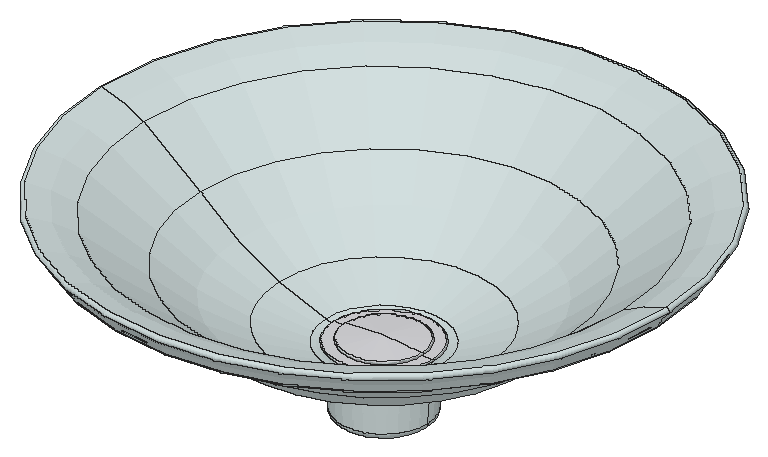
Revit family "Sink-Vessel-Lavatory-KOHLER-Derring_on_Carillon-K-17890_1", category Plumbing Fixtures, host Face, Revit 2015 (continued)
Definition of nested family "K-17890"
  Lines and regions (in)
    symbolic lines, detail levels medium+fine
      curve 1355: arc (-2.53812, 2.44598, 0) -> (-2.48889, 2.43121, 0) -> (-2.43786, 2.43747, 0) r 0.12522
      curve 1356: arc (-2.61904, 2.35995, 0) -> (-2.60176, 2.31003, 0) -> (-2.60554, 2.25734, 0) r 0.13139
      curve 1357: arc (-2.50047, 2.38091, 0) -> (-1.88402, 1.79846, 0) -> (-1.28474, 1.19836, 0) r 29.2281
      curve 1358: arc (-2.54742, 2.32975, 0) -> (-1.92396, 1.75525, 0) -> (-1.28474, 1.19836, 0) r 30.40578
      curve 1359: arc (-2.61361, 2.46642, 0) -> (-2.555, 2.42636, 0) -> (-2.50047, 2.38091, 0) r 0.74486
      curve 1360: arc (-2.63838, 2.42619, 0) -> (-2.59425, 2.37669, 0) -> (-2.54742, 2.32975, 0) r 1.18069
      curve 1361: arc (-2.6519, 2.46393, 0) -> (-2.64853, 2.44385, 0) -> (-2.63838, 2.42619, 0) r 0.05754
      curve 1362: arc (-2.6519, 2.46393, 0) -> (-2.63315, 2.47127, 0) -> (-2.61361, 2.46642, 0) r 0.03318
      curve 1363: arc (-4.39966, 3.81233, 0) -> (-4.17937, 3.59214, 0) -> (-3.96842, 3.36299, 0) r 7.49877
      curve 1364: arc (-4.66064, 3.49859, 0) -> (-4.40781, 3.32479, 0) -> (-4.13521, 3.18401, 0) r 2.44677
      curve 1365: arc (-3.96842, 3.36299, 0) -> (-3.90853, 3.27155, 0) -> (-3.87696, 3.1669, 0) r 0.38232
      curve 1366: arc (-4.13521, 3.18401, 0) -> (-4.04384, 3.14844, 0) -> (-3.94975, 3.12081, 0) r 1.14623
      curve 1367: arc (-3.94975, 3.12081, 0) -> (-3.90351, 3.12831, 0) -> (-3.87696, 3.1669, 0) r 0.05964
      curve 1368: arc (-3.89034, 3.13964, 0) -> (-3.69757, 3.00688, 0) -> (-3.49337, 2.89246, 0) r 2.53556
      curve 1369: arc (-3.49337, 2.89246, 0) -> (-3.39116, 2.85589, 0) -> (-3.28317, 2.84488, 0) r 0.44975
      curve 1370: arc (-3.89034, 3.13964, 0) -> (-3.72291, 2.97402, 0) -> (-3.56268, 2.80142, 0) r 5.52516
      curve 1371: arc (-3.56268, 2.80142, 0) -> (-3.50064, 2.70598, 0) -> (-3.46969, 2.59644, 0) r 0.37959
      curve 1372: arc (-3.28317, 2.84488, 0) -> (-3.14703, 2.69445, 0) -> (-3.02767, 2.53039, 0) r 1.90482
      curve 1373: arc (-3.4708, 2.60457, 0) -> (-3.28875, 2.49764, 0) -> (-3.09215, 2.42064, 0) r 1.33954
      curve 1374: arc (-3.02767, 2.53039, 0) -> (-3.00119, 2.47524, 0) -> (-2.98956, 2.41519, 0) r 0.23936
      curve 1375: arc (-3.09215, 2.42064, 0) -> (-3.04119, 2.41169, 0) -> (-2.98956, 2.41519, 0) r 0.21491
      curve 1376: arc (-2.98956, 2.41519, 0) -> (-2.8509, 2.33142, 0) -> (-2.70615, 2.25868, 0) r 2.082
      curve 1377: arc (-2.98956, 2.41519, 0) -> (-2.87939, 2.29599, 0) -> (-2.78072, 2.1671, 0) r 1.75146
      curve 1378: arc (-2.70615, 2.25868, 0) -> (-2.65598, 2.24746, 0) -> (-2.60554, 2.25734, 0) r 0.12522
      curve 1379: arc (-2.78072, 2.1671, 0) -> (-2.75992, 2.11854, 0) -> (-2.75994, 2.06571, 0) r 0.13139
      curve 1380: arc (-2.66395, 2.19646, 0) -> (-2.00752, 1.65947, 0) -> (-1.36695, 1.10366, 0) r 29.2281
      curve 1381: arc (-2.70713, 2.14208, 0) -> (-2.04428, 1.61353, 0) -> (-1.36695, 1.10366, 0) r 30.40578
      curve 1382: arc (-2.7829, 2.27368, 0) -> (-2.72158, 2.23791, 0) -> (-2.66395, 2.19646, 0) r 0.74486
      curve 1383: arc (-2.80474, 2.23179, 0) -> (-2.75719, 2.18556, 0) -> (-2.70713, 2.14208, 0) r 1.18069
      curve 1384: arc (-2.82092, 2.26847, 0) -> (-2.81613, 2.24867, 0) -> (-2.80474, 2.23179, 0) r 0.05754
      curve 1385: arc (-2.82092, 2.26847, 0) -> (-2.80274, 2.27713, 0) -> (-2.7829, 2.27368, 0) r 0.03318
      curve 1386: arc (-4.66042, 3.48875, 0) -> (-4.42498, 3.28483, 0) -> (-4.19822, 3.07131, 0) r 7.49877
      curve 1387: arc (-4.89835, 3.15718, 0) -> (-4.63377, 3.00187, 0) -> (-4.35182, 2.88089, 0) r 2.44677
      curve 1388: arc (-4.19822, 3.07131, 0) -> (-4.13196, 2.98438, 0) -> (-4.093, 2.88225, 0) r 0.38232
      curve 1389: arc (-4.35182, 2.88089, 0) -> (-4.25814, 2.85193, 0) -> (-4.16233, 2.83109, 0) r 1.14623
      curve 1390: arc (-4.16233, 2.83109, 0) -> (-4.11674, 2.84187, 0) -> (-4.093, 2.88225, 0) r 0.05964
      curve 1391: arc (-4.10441, 2.85411, 0) -> (-3.90266, 2.73544, 0) -> (-3.69082, 2.63588, 0) r 2.53556
      curve 1392: arc (-3.69082, 2.63588, 0) -> (-3.58626, 2.60669, 0) -> (-3.47775, 2.60341, 0) r 0.44975
      curve 1393: arc (-4.10441, 2.85411, 0) -> (-3.92559, 2.70086, 0) -> (-3.75346, 2.54012, 0) r 5.52516
      curve 1394: arc (-3.75346, 2.54012, 0) -> (-3.68477, 2.44935, 0) -> (-3.64608, 2.3423, 0) r 0.37959
      curve 1395: arc (-3.47775, 2.60341, 0) -> (-3.33123, 2.46307, 0) -> (-3.20047, 2.30795, 0) r 1.90482
      curve 1396: arc (-3.64777, 2.35033, 0) -> (-3.45855, 2.25666, 0) -> (-3.25696, 2.19388, 0) r 1.33954
      curve 1397: arc (-3.20047, 2.30795, 0) -> (-3.17013, 2.25483, 0) -> (-3.15424, 2.19576, 0) r 0.23936
      curve 1398: arc (-3.25696, 2.19388, 0) -> (-3.20549, 2.18859, 0) -> (-3.15424, 2.19576, 0) r 0.21491
      curve 1399: arc (-3.15424, 2.19576, 0) -> (-3.00996, 2.12209, 0) -> (-2.86039, 2.05987, 0) r 2.082
      curve 1400: arc (-3.15424, 2.19576, 0) -> (-3.03584, 2.08472, 0) -> (-2.92823, 1.9632, 0) r 1.75146
      curve 1401: arc (-2.86039, 2.05987, 0) -> (-2.80955, 2.05226, 0) -> (-2.75994, 2.06571, 0) r 0.12522
      curve 1402: arc (-2.92823, 1.9632, 0) -> (-2.90403, 1.91625, 0) -> (-2.90027, 1.86356, 0) r 0.13139
      curve 1403: arc (-2.81385, 2.00082, 0) -> (-2.12079, 1.51203, 0) -> (-1.4422, 1.00333, 0) r 29.2281
      curve 1404: arc (-2.85305, 1.9435, 0) -> (-2.15418, 1.46358, 0) -> (-1.4422, 1.00333, 0) r 30.40578
      curve 1405: arc (-2.93801, 2.06936, 0) -> (-2.8743, 2.03805, 0) -> (-2.81385, 2.00082, 0) r 0.74486
      curve 1406: arc (-2.9568, 2.02602, 0) -> (-2.90609, 1.9833, 0) -> (-2.85305, 1.9435, 0) r 1.18069
      curve 1407: arc (-2.97557, 2.06145, 0) -> (-2.96937, 2.04204, 0) -> (-2.9568, 2.02602, 0) r 0.05754
      curve 1408: arc (-2.97557, 2.06145, 0) -> (-2.95805, 2.07138, 0) -> (-2.93801, 2.06936, 0) r 0.03318
      curve 1409: arc (-4.89743, 3.14739, 0) -> (-4.64805, 2.96079, 0) -> (-4.40663, 2.76399, 0) r 7.49877
      curve 1410: arc (-5.1111, 2.7997, 0) -> (-4.83611, 2.66366, 0) -> (-4.54625, 2.5631, 0) r 2.44677
      curve 1411: arc (-4.40663, 2.76399, 0) -> (-4.33433, 2.68201, 0) -> (-4.28819, 2.58292, 0) r 0.38232
      curve 1412: arc (-4.54625, 2.5631, 0) -> (-4.45075, 2.5409, 0) -> (-4.35369, 2.52694, 0) r 1.14623
      curve 1413: arc (-4.35369, 2.52694, 0) -> (-4.30899, 2.54094, 0) -> (-4.28819, 2.58292, 0) r 0.05964
      curve 1414: arc (-4.29756, 2.55403, 0) -> (-4.08786, 2.45006, 0) -> (-3.86945, 2.36586, 0) r 2.53556
      curve 1415: arc (-3.86945, 2.36586, 0) -> (-3.76308, 2.34421, 0) -> (-3.65462, 2.34868, 0) r 0.44975
      curve 1416: arc (-4.29756, 2.55403, 0) -> (-4.10826, 2.41393, 0) -> (-3.9251, 2.26588, 0) r 5.52516
      curve 1417: arc (-3.9251, 2.26588, 0) -> (-3.85234, 2.18369, 0) -> (-3.80615, 2.08412, 0) r 0.37959
      curve 1418: arc (-3.65462, 2.34868, 0) -> (-3.49846, 2.21915, 0) -> (-3.35696, 2.07375, 0) r 1.90482
      curve 1419: arc (-3.80615, 2.08412, 0) -> (-3.61072, 2.00418, 0) -> (-3.40517, 1.95594, 0) r 1.33954
      curve 1420: arc (-3.35696, 2.07375, 0) -> (-3.32291, 2.02293, 0) -> (-3.30285, 1.96515, 0) r 0.23936
      curve 1421: arc (-3.40517, 1.95594, 0) -> (-3.35345, 1.95434, 0) -> (-3.30285, 1.96515, 0) r 0.21491
      curve 1422: arc (-3.30285, 1.96515, 0) -> (-3.15368, 1.90196, 0) -> (-3.00005, 1.85056, 0) r 2.082
      curve 1423: arc (-3.30285, 1.96515, 0) -> (-3.17683, 1.86284, 0) -> (-3.06083, 1.7493, 0) r 1.75146
      curve 1424: arc (-3.00005, 1.85056, 0) -> (-2.9488, 1.8466, 0) -> (-2.90027, 1.86356, 0) r 0.12522
      curve 1425: arc (-3.06083, 1.7493, 0) -> (-3.03333, 1.7042, 0) -> (-3.02583, 1.65191, 0) r 0.13139
      curve 1426: arc (-2.94942, 1.79498, 0) -> (-2.22326, 1.35688, 0) -> (-1.51011, 0.89789, 0) r 29.2281
      curve 1427: arc (-2.98443, 1.73501, 0) -> (-2.2531, 1.30617, 0) -> (-1.51011, 0.89789, 0) r 30.40578
      curve 1428: arc (-3.07816, 1.85449, 0) -> (-3.01237, 1.82781, 0) -> (-2.94942, 1.79498, 0) r 0.74486
      curve 1429: arc (-3.09381, 1.80992, 0) -> (-3.04017, 1.77093, 0) -> (-2.98443, 1.73501, 0) r 1.18069
      curve 1430: arc (-3.11505, 1.84392, 0) -> (-3.10748, 1.82501, 0) -> (-3.09381, 1.80992, 0) r 0.05754
      curve 1431: arc (-3.11505, 1.84392, 0) -> (-3.09828, 1.85508, 0) -> (-3.07816, 1.85449, 0) r 0.03318
      curve 1432: arc (-5.10948, 2.78999, 0) -> (-4.84742, 2.62166, 0) -> (-4.59258, 2.44258, 0) r 7.49877
      curve 1433: arc (-5.29781, 2.42794, 0) -> (-5.01381, 2.31186, 0) -> (-4.71752, 2.23224, 0) r 2.44677
      curve 1434: arc (-4.59258, 2.44258, 0) -> (-4.51462, 2.36597, 0) -> (-4.46153, 2.27042, 0) r 0.38232
      curve 1435: arc (-4.71752, 2.23224, 0) -> (-4.62067, 2.21691, 0) -> (-4.52287, 2.20991, 0) r 1.14623
      curve 1436: arc (-4.52287, 2.20991, 0) -> (-4.47928, 2.22707, 0) -> (-4.46153, 2.27042, 0) r 0.05964
      curve 1437: arc (-4.46882, 2.24094, 0) -> (-4.25223, 2.15219, 0) -> (-4.02837, 2.08379, 0) r 2.53556
      curve 1438: arc (-4.02837, 2.08379, 0) -> (-3.92073, 2.06978, 0) -> (-3.81286, 2.08198, 0) r 0.44975
      curve 1439: arc (-4.46882, 2.24094, 0) -> (-4.27, 2.1147, 0) -> (-4.07675, 1.98009, 0) r 5.52516
      curve 1440: arc (-4.07675, 1.98009, 0) -> (-3.99584, 1.90002, 0) -> (-3.94231, 1.79956, 0) r 0.37959
      curve 1441: arc (-3.81286, 2.08198, 0) -> (-3.64786, 1.96392, 0) -> (-3.49635, 1.82898, 0) r 1.90482
      curve 1442: arc (-3.94513, 1.80728, 0) -> (-3.7445, 1.74148, 0) -> (-3.53603, 1.70803, 0) r 1.33954
      curve 1443: arc (-3.49635, 1.82898, 0) -> (-3.45876, 1.78072, 0) -> (-3.43463, 1.72452, 0) r 0.23936
      curve 1444: arc (-3.53603, 1.70803, 0) -> (-3.48433, 1.71013, 0) -> (-3.43463, 1.72452, 0) r 0.21491
      curve 1445: arc (-3.43463, 1.72452, 0) -> (-3.28133, 1.67213, 0) -> (-3.12442, 1.63183, 0) r 2.082
      curve 1446: arc (-3.43463, 1.72452, 0) -> (-3.30163, 1.63146, 0) -> (-3.17782, 1.52649, 0) r 1.75146
      curve 1447: arc (-3.12442, 1.63183, 0) -> (-3.07302, 1.63153, 0) -> (-3.02583, 1.65191, 0) r 0.12522
      curve 1448: arc (-3.17782, 1.52649, 0) -> (-3.14718, 1.48346, 0) -> (-3.13596, 1.43184, 0) r 0.13139
      curve 1449: arc (-3.06996, 1.58, 0) -> (-2.31439, 1.19482, 0) -> (-1.57031, 0.78787, 0) r 29.2281
      curve 1450: arc (-3.1006, 1.51768, 0) -> (-2.34054, 1.14211, 0) -> (-1.57031, 0.78787, 0) r 30.40578
      curve 1451: arc (-3.20261, 1.63017, 0) -> (-3.13509, 1.60825, 0) -> (-3.06996, 1.58, 0) r 0.74486
      curve 1452: arc (-3.21504, 1.5846, 0) -> (-3.15876, 1.54953, 0) -> (-3.1006, 1.51768, 0) r 1.18069
      curve 1453: arc (-3.23865, 1.617, 0) -> (-3.22976, 1.59867, 0) -> (-3.21504, 1.5846, 0) r 0.05754
      curve 1454: arc (-3.23865, 1.617, 0) -> (-3.22273, 1.62933, 0) -> (-3.20261, 1.63017, 0) r 0.03318
      curve 1455: arc (-5.29405, 2.41762, 0) -> (-5.02139, 2.26876, 0) -> (-4.75513, 2.10873, 0) r 7.49877
      curve 1456: arc (-5.45752, 2.04381, 0) -> (-5.16596, 1.94829, 0) -> (-4.86475, 1.89001, 0) r 2.44677
      curve 1457: arc (-4.75513, 2.10873, 0) -> (-4.6719, 2.03787, 0) -> (-4.61213, 1.94635, 0) r 0.38232
      curve 1458: arc (-4.86475, 1.89001, 0) -> (-4.76705, 1.88163, 0) -> (-4.669, 1.88162, 0) r 1.14623
      curve 1459: arc (-4.669, 1.88162, 0) -> (-4.62674, 1.90185, 0) -> (-4.61213, 1.94635, 0) r 0.05964
      curve 1460: arc (-4.6173, 1.91643, 0) -> (-4.39493, 1.84336, 0) -> (-4.16677, 1.7911, 0) r 2.53556
      curve 1461: arc (-4.16677, 1.7911, 0) -> (-4.05839, 1.78481, 0) -> (-3.95167, 1.80467, 0) r 0.44975
      curve 1462: arc (-4.6173, 1.91643, 0) -> (-4.40998, 1.80469, 0) -> (-4.20762, 1.68422, 0) r 5.52516
      curve 1463: arc (-4.20762, 1.68422, 0) -> (-4.12121, 1.61012, 0) -> (-4.06065, 1.51374, 0) r 0.37959
      curve 1464: arc (-3.95167, 1.80467, 0) -> (-3.77867, 1.69868, 0) -> (-3.61792, 1.5749, 0) r 1.90482
      curve 1465: arc (-4.064, 1.52123, 0) -> (-3.8592, 1.46992, 0) -> (-3.64887, 1.45142, 0) r 1.33954
      curve 1466: arc (-3.61792, 1.5749, 0) -> (-3.57698, 1.52944, 0) -> (-3.5489, 1.4751, 0) r 0.23936
      curve 1467: arc (-3.64887, 1.45142, 0) -> (-3.59745, 1.4572, 0) -> (-3.5489, 1.4751, 0) r 0.21491
      curve 1468: arc (-3.5489, 1.4751, 0) -> (-3.39226, 1.43378, 0) -> (-3.23288, 1.40477, 0) r 2.082
      curve 1469: arc (-3.5489, 1.4751, 0) -> (-3.40961, 1.39177, 0) -> (-3.27862, 1.2959, 0) r 1.75146
      curve 1470: arc (-3.23288, 1.40477, 0) -> (-3.18158, 1.40814, 0) -> (-3.13596, 1.43184, 0) r 0.12522
      curve 1471: arc (-3.27862, 1.2959, 0) -> (-3.24499, 1.25516, 0) -> (-3.23012, 1.20447, 0) r 0.13139
      curve 1472: arc (-3.17485, 1.35697, 0) -> (-2.39373, 1.02666, 0) -> (-1.62252, 0.67384, 0) r 29.2281
      curve 1473: arc (-3.20097, 1.29262, 0) -> (-2.41606, 0.97223, 0) -> (-1.62252, 0.67384, 0) r 30.40578
      curve 1474: arc (-3.31075, 1.39755, 0) -> (-3.24183, 1.3805, 0) -> (-3.17485, 1.35697, 0) r 0.74486
      curve 1475: arc (-3.31989, 1.3512, 0) -> (-3.26125, 1.32024, 0) -> (-3.20097, 1.29262, 0) r 1.18069
      curve 1476: arc (-3.34576, 1.38184, 0) -> (-3.33558, 1.36419, 0) -> (-3.31989, 1.3512, 0) r 0.05754
      curve 1477: arc (-3.34576, 1.38184, 0) -> (-3.33075, 1.39527, 0) -> (-3.31075, 1.39755, 0) r 0.03318
      curve 1478: arc (-5.45303, 2.03379, 0) -> (-5.17045, 1.90476, 0) -> (-4.89345, 1.76413, 0) r 7.49877
      curve 1479: arc (-5.58942, 1.64927, 0) -> (-5.29179, 1.57479, 0) -> (-4.98718, 1.53815, 0) r 2.44677
      curve 1480: arc (-4.89345, 1.76413, 0) -> (-4.80538, 1.69939, 0) -> (-4.73923, 1.61237, 0) r 0.38232
      curve 1481: arc (-4.98718, 1.53815, 0) -> (-4.88914, 1.53675, 0) -> (-4.79133, 1.54375, 0) r 1.14623
      curve 1482: arc (-4.79133, 1.54375, 0) -> (-4.75063, 1.56693, 0) -> (-4.73923, 1.61237, 0) r 0.05964
      curve 1483: arc (-4.74225, 1.58215, 0) -> (-4.51523, 1.52513, 0) -> (-4.28393, 1.48928, 0) r 2.53556
      curve 1484: arc (-4.28393, 1.48928, 0) -> (-4.17538, 1.49074, 0) -> (-4.07035, 1.51816, 0) r 0.44975
      curve 1485: arc (-4.74225, 1.58215, 0) -> (-4.52749, 1.48549, 0) -> (-4.31705, 1.37976, 0) r 5.52516
      curve 1486: arc (-4.31705, 1.37976, 0) -> (-4.22557, 1.31202, 0) -> (-4.15829, 1.2202, 0) r 0.37959
      curve 1487: arc (-4.07035, 1.51816, 0) -> (-3.89022, 1.42479, 0) -> (-3.72105, 1.31278, 0) r 1.90482
      curve 1488: arc (-4.16217, 1.22743, 0) -> (-3.95423, 1.19086, 0) -> (-3.74312, 1.18742, 0) r 1.33954
      curve 1489: arc (-3.72105, 1.31278, 0) -> (-3.67698, 1.27037, 0) -> (-3.64509, 1.21816, 0) r 0.23936
      curve 1490: arc (-3.74312, 1.18742, 0) -> (-3.69224, 1.19685, 0) -> (-3.64509, 1.21816, 0) r 0.21491
      curve 1491: arc (-3.64509, 1.21816, 0) -> (-3.4859, 1.18813, 0) -> (-3.32486, 1.17056, 0) r 2.082
      curve 1492: arc (-3.64509, 1.21816, 0) -> (-3.50021, 1.14498, 0) -> (-3.36272, 1.0587, 0) r 1.75146
      curve 1493: arc (-3.32486, 1.17056, 0) -> (-3.27393, 1.17758, 0) -> (-3.23012, 1.20447, 0) r 0.12522
      curve 1494: arc (-3.36272, 1.0587, 0) -> (-3.32626, 1.02047, 0) -> (-3.30781, 0.97097, 0) r 0.13139
      curve 1495: arc (-3.26357, 1.12702, 0) -> (-2.46087, 0.85328, 0) -> (-1.66646, 0.55637, 0) r 29.2281
      curve 1496: arc (-3.28503, 1.06098, 0) -> (-2.47926, 0.79739, 0) -> (-1.66646, 0.55637, 0) r 30.40578
      curve 1497: arc (-3.40201, 1.1578, 0) -> (-3.33206, 1.14571, 0) -> (-3.26357, 1.12702, 0) r 0.74486
      curve 1498: arc (-3.40783, 1.11092, 0) -> (-3.34713, 1.08422, 0) -> (-3.28503, 1.06098, 0) r 1.18069
      curve 1499: arc (-3.43581, 1.13963, 0) -> (-3.4244, 1.12276, 0) -> (-3.40783, 1.11092, 0) r 0.05754
      curve 1500: arc (-3.43581, 1.13963, 0) -> (-3.4218, 1.1541, 0) -> (-3.40201, 1.1578, 0) r 0.03318
      curve 1501: arc (-5.58577, 1.64013, 0) -> (-5.29392, 1.53135, 0) -> (-5.00683, 1.41054, 0) r 7.49877
      curve 1502: arc (-5.69283, 1.24632, 0) -> (-5.39065, 1.19327, 0) -> (-5.08421, 1.17845, 0) r 2.44677
      curve 1503: arc (-5.00683, 1.41054, 0) -> (-4.91437, 1.35224, 0) -> (-4.84218, 1.27017, 0) r 0.38232
      curve 1504: arc (-5.08421, 1.17845, 0) -> (-4.98631, 1.18405, 0) -> (-4.88926, 1.198, 0) r 1.14623
      curve 1505: arc (-4.88926, 1.198, 0) -> (-4.85031, 1.22403, 0) -> (-4.84218, 1.27017, 0) r 0.05964
      curve 1506: arc (-4.84304, 1.23981, 0) -> (-4.61253, 1.19913, 0) -> (-4.37926, 1.17988, 0) r 2.53556
      curve 1507: arc (-4.37926, 1.17988, 0) -> (-4.27109, 1.18907, 0) -> (-4.16828, 1.22392, 0) r 0.44975
      curve 1508: arc (-4.84304, 1.23981, 0) -> (-4.62193, 1.15871, 0) -> (-4.40448, 1.06827, 0) r 5.52516
      curve 1509: arc (-4.40448, 1.06827, 0) -> (-4.3084, 1.00722, 0) -> (-4.23474, 0.92044, 0) r 0.37959
      curve 1510: arc (-4.16828, 1.22392, 0) -> (-3.98195, 1.14363, 0) -> (-3.80522, 1.04398, 0) r 1.90482
      curve 1511: arc (-4.23913, 0.92738, 0) -> (-4.02911, 0.90574, 0) -> (-3.81829, 0.91736, 0) r 1.33954
      curve 1512: arc (-3.80522, 1.04398, 0) -> (-3.75823, 1.00482, 0) -> (-3.72271, 0.95502, 0) r 0.23936
      curve 1513: arc (-3.81829, 0.91736, 0) -> (-3.76821, 0.9304, 0) -> (-3.72271, 0.95502, 0) r 0.21491
      curve 1514: arc (-3.72271, 0.95502, 0) -> (-3.56178, 0.93642, 0) -> (-3.39989, 0.93039, 0) r 2.082
      curve 1515: arc (-3.72271, 0.95502, 0) -> (-3.57297, 0.89236, 0) -> (-3.42968, 0.81611, 0) r 1.75146
      curve 1516: arc (-3.39989, 0.93039, 0) -> (-3.3496, 0.94102, 0) -> (-3.30781, 0.97097, 0) r 0.12522
      curve 1517: arc (-3.42968, 0.81611, 0) -> (-3.39059, 0.78058, 0) -> (-3.36865, 0.73252, 0) r 0.13139
      curve 1518: arc (-3.33565, 0.89133, 0) -> (-2.51547, 0.67555, 0) -> (-1.7019, 0.43607, 0) r 29.2281
      curve 1519: arc (-3.35234, 0.82392, 0) -> (-2.52983, 0.61849, 0) -> (-1.7019, 0.43607, 0) r 30.40578
      curve 1520: arc (-3.47594, 0.91215, 0) -> (-3.4053, 0.90509, 0) -> (-3.33565, 0.89133, 0) r 0.74486
      curve 1521: arc (-3.4784, 0.86498, 0) -> (-3.41595, 0.84268, 0) -> (-3.35234, 0.82392, 0) r 1.18069
      curve 1522: arc (-3.50836, 0.89162, 0) -> (-3.49577, 0.8756, 0) -> (-3.4784, 0.86498, 0) r 0.05754
      curve 1523: arc (-3.50836, 0.89162, 0) -> (-3.49542, 0.90705, 0) -> (-3.47594, 0.91215, 0) r 0.03318
      curve 1524: arc (-5.68854, 1.23747, 0) -> (-5.38967, 1.14978, 0) -> (-5.0947, 1.04976, 0) r 7.49877
      curve 1525: arc (-5.76724, 0.83703, 0) -> (-5.46204, 0.80566, 0) -> (-5.15532, 0.81274, 0) r 2.44677
      curve 1526: arc (-5.0947, 1.04976, 0) -> (-4.99832, 0.99821, 0) -> (-4.92046, 0.92149, 0) r 0.38232
      curve 1527: arc (-5.15532, 0.81274, 0) -> (-5.05808, 0.82532, 0) -> (-4.96226, 0.84615, 0) r 1.14623
      curve 1528: arc (-4.96226, 0.84615, 0) -> (-4.92527, 0.8749, 0) -> (-4.92046, 0.92149, 0) r 0.05964
      curve 1529: arc (-4.91914, 0.89116, 0) -> (-4.68632, 0.86702, 0) -> (-4.45227, 0.86446, 0) r 2.53556
      curve 1530: arc (-4.45227, 0.86446, 0) -> (-4.34504, 0.88135, 0) -> (-4.24497, 0.92344, 0) r 0.44975
      curve 1531: arc (-4.91914, 0.89116, 0) -> (-4.69282, 0.82604, 0) -> (-4.46947, 0.75133, 0) r 5.52516
      curve 1532: arc (-4.46947, 0.75133, 0) -> (-4.36928, 0.6973, 0) -> (-4.28962, 0.61599, 0) r 0.37959
      curve 1533: arc (-4.24497, 0.92344, 0) -> (-4.05339, 0.85665, 0) -> (-3.87, 0.76986, 0) r 1.90482
      curve 1534: arc (-4.29449, 0.6226, 0) -> (-4.08346, 0.61599, 0) -> (-3.874, 0.64263, 0) r 1.33954
      curve 1535: arc (-3.87, 0.76986, 0) -> (-3.82034, 0.73415, 0) -> (-3.78135, 0.68701, 0) r 0.23936
      curve 1536: arc (-3.874, 0.64263, 0) -> (-3.82499, 0.6592, 0) -> (-3.78135, 0.68701, 0) r 0.21491
      curve 1537: arc (-3.78135, 0.68701, 0) -> (-3.61951, 0.67994, 0) -> (-3.4576, 0.68547, 0) r 2.082
      curve 1538: arc (-3.78135, 0.68701, 0) -> (-3.62753, 0.6352, 0) -> (-3.47916, 0.56936, 0) r 1.75146
      curve 1539: arc (-3.4576, 0.68547, 0) -> (-3.40819, 0.69967, 0) -> (-3.36865, 0.73252, 0) r 0.12522
      curve 1540: arc (-3.47916, 0.56936, 0) -> (-3.43763, 0.53671, 0) -> (-3.41233, 0.49034, 0) r 0.13139
      curve 1541: arc (-3.39074, 0.65109, 0) -> (-2.55726, 0.49438, 0) -> (-1.72867, 0.31355, 0) r 29.2281
      curve 1542: arc (-3.40258, 0.58267, 0) -> (-2.5675, 0.43644, 0) -> (-1.72867, 0.31355, 0) r 30.40578
      curve 1543: arc (-3.53216, 0.66186, 0) -> (-3.46119, 0.65985, 0) -> (-3.39074, 0.65109, 0) r 0.74486
      curve 1544: arc (-3.53124, 0.61463, 0) -> (-3.46736, 0.59684, 0) -> (-3.40258, 0.58267, 0) r 1.18069
      curve 1545: arc (-3.56303, 0.63906, 0) -> (-3.54933, 0.62399, 0) -> (-3.53124, 0.61463, 0) r 0.05754
      curve 1546: arc (-3.56303, 0.63906, 0) -> (-3.55122, 0.65538, 0) -> (-3.53216, 0.66186, 0) r 0.03318
      curve 1547: arc (-5.76233, 0.8285, 0) -> (-5.45797, 0.76236, 0) -> (-5.15661, 0.68364, 0) r 7.49877
      curve 1548: arc (-5.81226, 0.42346, 0) -> (-5.5056, 0.41395, 0) -> (-5.20017, 0.44289, 0) r 2.44677
      curve 1549: arc (-5.15661, 0.68364, 0) -> (-5.05679, 0.63909, 0) -> (-4.97366, 0.56813, 0) r 0.38232
      curve 1550: arc (-5.20017, 0.44289, 0) -> (-5.10407, 0.46237, 0) -> (-5.00998, 0.49, 0) r 1.14623
      curve 1551: arc (-5.00998, 0.49, 0) -> (-4.97514, 0.5213, 0) -> (-4.97366, 0.56813, 0) r 0.05964
      curve 1552: arc (-4.97019, 0.53796, 0) -> (-4.73624, 0.53049, 0) -> (-4.50259, 0.54464, 0) r 2.53556
      curve 1553: arc (-4.50259, 0.54464, 0) -> (-4.39684, 0.56913, 0) -> (-4.30003, 0.61825, 0) r 0.44975
      curve 1554: arc (-4.97019, 0.53796, 0) -> (-4.73979, 0.48915, 0) -> (-4.51168, 0.43057, 0) r 5.52516
      curve 1555: arc (-4.51168, 0.43057, 0) -> (-4.40789, 0.38382, 0) -> (-4.32263, 0.30841, 0) r 0.37959
      curve 1556: arc (-4.30003, 0.61825, 0) -> (-4.10418, 0.5653, 0) -> (-3.91507, 0.49182, 0) r 1.90482
      curve 1557: arc (-4.32796, 0.31465, 0) -> (-4.117, 0.32311, 0) -> (-3.90998, 0.36463, 0) r 1.33954
      curve 1558: arc (-3.91507, 0.49182, 0) -> (-3.86298, 0.45974, 0) -> (-3.82073, 0.41551, 0) r 0.23936
      curve 1559: arc (-3.90998, 0.36463, 0) -> (-3.86227, 0.38465, 0) -> (-3.82073, 0.41551, 0) r 0.21491
      curve 1560: arc (-3.82073, 0.41551, 0) -> (-3.65879, 0.42, 0) -> (-3.49769, 0.43706, 0) r 2.082
      curve 1561: arc (-3.82073, 0.41551, 0) -> (-3.6636, 0.37479, 0) -> (-3.51091, 0.31971, 0) r 1.75146
      curve 1562: arc (-3.49769, 0.43706, 0) -> (-3.44942, 0.45475, 0) -> (-3.41233, 0.49034, 0) r 0.12522
      curve 1563: arc (-3.51091, 0.31971, 0) -> (-3.46716, 0.2901, 0) -> (-3.43861, 0.24565, 0) r 0.13139
      curve 1564: arc (-3.42855, 0.40754, 0) -> (-2.58601, 0.31069, 0) -> (-1.74664, 0.18943, 0) r 29.2281
      curve 1565: arc (-3.43548, 0.33845, 0) -> (-2.5921, 0.25216, 0) -> (-1.74664, 0.18943, 0) r 30.40578
      curve 1566: arc (-3.57037, 0.40819, 0) -> (-3.49945, 0.41125, 0) -> (-3.42855, 0.40754, 0) r 0.74486
      curve 1567: arc (-3.56609, 0.36115, 0) -> (-3.5011, 0.34796, 0) -> (-3.43548, 0.33845, 0) r 1.18069
      curve 1568: arc (-3.59954, 0.38325, 0) -> (-3.5848, 0.36919, 0) -> (-3.56609, 0.36115, 0) r 0.05754
      curve 1569: arc (-3.59954, 0.38325, 0) -> (-3.58893, 0.40037, 0) -> (-3.57037, 0.40819, 0) r 0.03318
      curve 1570: arc (-5.80675, 0.41531, 0) -> (-5.49845, 0.37105, 0) -> (-5.19224, 0.31403, 0) r 7.49877
      curve 1571: arc (-5.82766, 0.00774, 0) -> (-5.52111, 0.02013, 0) -> (-5.21851, 0.07079, 0) r 2.44677
      curve 1572: arc (-5.19224, 0.31403, 0) -> (-5.0895, 0.27672, 0) -> (-5.00152, 0.21186, 0) r 0.38232
      curve 1573: arc (-5.21851, 0.07079, 0) -> (-5.12405, 0.09708, 0) -> (-5.03217, 0.13134, 0) r 1.14623
      curve 1574: arc (-5.03217, 0.13134, 0) -> (-4.99965, 0.16505, 0) -> (-5.00152, 0.21186, 0) r 0.05964
      curve 1575: arc (-4.9959, 0.18202, 0) -> (-4.76201, 0.19126, 0) -> (-4.52998, 0.22204, 0) r 2.53556
      curve 1576: arc (-4.52998, 0.22204, 0) -> (-4.42624, 0.25401, 0) -> (-4.33318, 0.30992, 0) r 0.44975
      curve 1577: arc (-4.9959, 0.18202, 0) -> (-4.76261, 0.14977, 0) -> (-4.5309, 0.10761, 0) r 5.52516
      curve 1578: arc (-4.5309, 0.10761, 0) -> (-4.4245, 0.06864, 0) -> (-4.33435, 0, 0) r 0.37959
      curve 1579: arc (-4.33318, 0.30992, 0) -> (-4.13405, 0.27107, 0) -> (-3.94018, 0.21127, 0) r 1.90482
      curve 1580: arc (-4.33938, 0.00509, 0) -> (-4.12956, 0.02859, 0) -> (-3.92603, 0.08476, 0) r 1.33954
      curve 1581: arc (-3.94018, 0.21127, 0) -> (-3.88594, 0.18298, 0) -> (-3.84064, 0.14188, 0) r 0.23936
      curve 1582: arc (-3.92603, 0.08476, 0) -> (-3.87987, 0.10814, 0) -> (-3.84064, 0.14188, 0) r 0.21491
      curve 1583: arc (-3.84064, 0.14188, 0) -> (-3.67943, 0.15791, 0) -> (-3.51996, 0.18643, 0) r 2.082
      curve 1584: arc (-3.84064, 0.14188, 0) -> (-3.681, 0.11248, 0) -> (-3.52477, 0.06843, 0) r 1.75146
      curve 1585: arc (-3.51996, 0.18643, 0) -> (-3.47308, 0.20751, 0) -> (-3.43861, 0.24565, 0) r 0.12522
      curve 1586: arc (-3.52477, 0.06843, 0) -> (-3.47914, 0.04212, 0) -> (-3.44751, 0, 0) r 0.13139
      curve 1587: arc (-3.44889, 0.16191, 0) -> (-2.60159, 0.12541, 0) -> (-1.7557, 0.06434, 0) r 29.2281
      curve 1588: arc (-3.45087, 0.0925, 0) -> (-2.60348, 0.0666, 0) -> (-1.7557, 0.06434, 0) r 30.40578
      curve 1589: arc (-3.5904, 0.15245, 0) -> (-3.51987, 0.16055, 0) -> (-3.44889, 0.16191, 0) r 0.74486
      curve 1590: arc (-3.58277, 0.10582, 0) -> (-3.51701, 0.09731, 0) -> (-3.45087, 0.0925, 0) r 1.18069
      curve 1591: arc (-3.61771, 0.12549, 0) -> (-3.60201, 0.11251, 0) -> (-3.58277, 0.10582, 0) r 0.05754
      curve 1592: arc (-3.61771, 0.12549, 0) -> (-3.60834, 0.14332, 0) -> (-3.5904, 0.15245, 0) r 0.03318
      curve 1593: arc (-0.11351, 7.14534, 0) -> (-0.05745, 7.14601, 0) -> (-0.00138, 7.14624, 0) r 7.14624
      curve 1594: arc (-0.62296, 7.11904, 0) -> (-0.50302, 7.12852, 0) -> (-0.38293, 7.13597, 0) r 7.14624
      curve 1595: arc (-1.12924, 7.05646, 0) -> (-1.01028, 7.07447, 0) -> (-0.89102, 7.09048, 0) r 7.14624
      curve 1596: arc (-1.62977, 6.95792, 0) -> (-1.51239, 6.98437, 0) -> (-1.39458, 7.00884, 0) r 7.14624
      curve 1597: arc (-2.12199, 6.82392, 0) -> (-2.00679, 6.85868, 0) -> (-1.89104, 6.8915, 0) r 7.14624
      curve 1598: arc (-2.60339, 6.65516, 0) -> (-2.49097, 6.69805, 0) -> (-2.37785, 6.73903, 0) r 7.14624
      curve 1599: arc (-3.07153, 6.45248, 0) -> (-2.96246, 6.50328, 0) -> (-2.85255, 6.55223, 0) r 7.14624
      curve 1600: arc (-3.52402, 6.21692, 0) -> (-3.41885, 6.27537, 0) -> (-3.31271, 6.33204, 0) r 7.14624
      curve 1601: arc (-3.95855, 5.94967, 0) -> (-3.85782, 6.01548, 0) -> (-3.75599, 6.07958, 0) r 7.14624
      curve 1602: arc (-4.37291, 5.65212, 0) -> (-4.27713, 5.72494, 0) -> (-4.18014, 5.79614, 0) r 7.14624
      curve 1603: arc (-4.76499, 5.32576, 0) -> (-4.67464, 5.40523, 0) -> (-4.58298, 5.48316, 0) r 7.14624
      curve 1604: arc (-5.13278, 4.97226, 0) -> (-5.04834, 5.05797, 0) -> (-4.96247, 5.14225, 0) r 7.14624
      curve 1605: arc (-5.47442, 4.59342, 0) -> (-5.39631, 4.68494, 0) -> (-5.31667, 4.77513, 0) r 7.14624
      curve 1606: arc (-5.78816, 4.19117, 0) -> (-5.71678, 4.28803, 0) -> (-5.64377, 4.38367, 0) r 7.14624
      curve 1607: arc (-6.07241, 3.76757, 0) -> (-6.00812, 3.86928, 0) -> (-5.94212, 3.96988, 0) r 7.14624
      curve 1608: arc (-6.32571, 3.32477, 0) -> (-6.26884, 3.4308, 0) -> (-6.21019, 3.53586, 0) r 7.14624
      curve 1609: arc (-6.54678, 2.86503, 0) -> (-6.49762, 2.97485, 0) -> (-6.44661, 3.08382, 0) r 7.14624
      curve 1610: arc (-6.73449, 2.39069, 0) -> (-6.69329, 2.50373, 0) -> (-6.65018, 2.61607, 0) r 7.14624
      curve 1611: arc (-6.88788, 1.90416, 0) -> (-6.85485, 2.01986, 0) -> (-6.81987, 2.13499, 0) r 7.14624
      curve 1612: arc (-7.00617, 1.40794, 0) -> (-6.98148, 1.5257, 0) -> (-6.9548, 1.64302, 0) r 7.14624
      curve 1613: arc (-7.08876, 0.90453, 0) -> (-7.07253, 1.02376, 0) -> (-7.05429, 1.14269, 0) r 7.14624
      curve 1614: arc (-7.13523, 0.39652, 0) -> (-7.12754, 0.5166, 0) -> (-7.11784, 0.63653, 0) r 7.14624
      curve 1615: arc (-7.14622, -0.01693, 0) -> (-7.14603, 0.0551, 0) -> (-7.14511, 0.12712, 0) r 7.14624
      curve 1616: arc (-0.29363, 6.06046, 0) -> (-0.21701, 6.06369, 0) -> (-0.14036, 6.06595, 0) r 6.06757
      curve 1617: arc (-0.72522, 6.02408, 0) -> (-0.64904, 6.03276, 0) -> (-0.57274, 6.04048, 0) r 6.06757
      curve 1618: arc (-1.15313, 5.95699, 0) -> (-1.07775, 5.97109, 0) -> (-1.00221, 5.98423, 0) r 6.06757
      curve 1619: arc (-1.57516, 5.85955, 0) -> (-1.50098, 5.87899, 0) -> (-1.42656, 5.89749, 0) r 6.06757
      curve 1620: arc (-1.98916, 5.73225, 0) -> (-1.91656, 5.75693, 0) -> (-1.84365, 5.78069, 0) r 6.06757
      curve 1621: arc (-2.39303, 5.57574, 0) -> (-2.32237, 5.60554, 0) -> (-2.25134, 5.63444, 0) r 6.06757
      curve 1622: arc (-2.7847, 5.39082, 0) -> (-2.71635, 5.42558, 0) -> (-2.64756, 5.45947, 0) r 6.06757
      curve 1623: arc (-3.16218, 5.17842, 0) -> (-3.09648, 5.21797, 0) -> (-3.03029, 5.25669, 0) r 6.06757
      curve 1624: arc (-3.52355, 4.93964, 0) -> (-3.46084, 4.98378, 0) -> (-3.39758, 5.02712, 0) r 6.06757
      curve 1625: arc (-3.86696, 4.67569, 0) -> (-3.80756, 4.72418, 0) -> (-3.74755, 4.77193, 0) r 6.06757
      curve 1626: arc (-4.19067, 4.38791, 0) -> (-4.13488, 4.44052, 0) -> (-4.07843, 4.49242, 0) r 6.06757
      curve 1627: arc (-4.49302, 4.07777, 0) -> (-4.44113, 4.13423, 0) -> (-4.38852, 4.19002, 0) r 6.06757
      curve 1628: arc (-4.77248, 3.74685, 0) -> (-4.72474, 3.80687, 0) -> (-4.67626, 3.86627, 0) r 6.06757
      curve 1629: arc (-5.02762, 3.39684, 0) -> (-4.98429, 3.46011, 0) -> (-4.94016, 3.52282, 0) r 6.06757
      curve 1630: arc (-5.25713, 3.02952, 0) -> (-5.21843, 3.09572, 0) -> (-5.17889, 3.16142, 0) r 6.06757
      curve 1631: arc (-5.45986, 2.64676, 0) -> (-5.42598, 2.71555, 0) -> (-5.39122, 2.78391, 0) r 6.06757
      curve 1632: arc (-5.63477, 2.25051, 0) -> (-5.60588, 2.32155, 0) -> (-5.57609, 2.39221, 0) r 6.06757
      curve 1633: arc (-5.78096, 1.84281, 0) -> (-5.75721, 1.91572, 0) -> (-5.73254, 1.98832, 0) r 6.06757
      curve 1634: arc (-5.8977, 1.4257, 0) -> (-5.87921, 1.50012, 0) -> (-5.85978, 1.5743, 0) r 6.06757
      curve 1635: arc (-5.98438, 1.00133, 0) -> (-5.97125, 1.07688, 0) -> (-5.95716, 1.15226, 0) r 6.06757
      curve 1636: arc (-6.04057, 0.57186, 0) -> (-6.03286, 0.64815, 0) -> (-6.02418, 0.72434, 0) r 6.06757
      curve 1637: arc (-6.06597, 0.13947, 0) -> (-6.06372, 0.21612, 0) -> (-6.06051, 0.29274, 0) r 6.06757
      curve 1638: line (0, -8.69018, 0) -> (0, -8.41945, 0)
      curve 1639: line (0.58909, -8.41945, 0) -> (0.60655, -8.66899, 0)
      curve 1640: arc (0, -8.41945, 0) -> (0.01739, -7.88883, 0) -> (0.0695, -7.36049, 0) r 8.10184
      curve 1641: arc (0.0695, -7.36049, 0) -> (0.10757, -7.16722, 0) -> (0.16976, -6.98032, 0) r 1.55506
      curve 1642: arc (0.49256, -7.57014, 0) -> (0.55002, -7.99375, 0) -> (0.58909, -8.41945, 0) r 9.87161
      curve 1643: arc (0.40844, -7.2089, 0) -> (0.45704, -7.388, 0) -> (0.49256, -7.57014, 0) r 2.56621
      curve 1644: arc (0.30131, -6.96995, 0) -> (0.36207, -7.0862, 0) -> (0.40844, -7.2089, 0) r 1.09046
      curve 1645: arc (0.16976, -6.98032, 0) -> (0.23233, -6.93447, 0) -> (0.30131, -6.96995, 0) r 0.07375
      curve 1646: line (0.61995, -8.66804, 0) -> (0.60064, -8.39799, 0)
      curve 1647: line (1.18822, -8.35597, 0) -> (1.22344, -8.60363, 0)
      curve 1648: arc (0.60064, -8.39799, 0) -> (0.58013, -7.86749, 0) -> (0.59442, -7.33678, 0) r 8.10184
      curve 1649: arc (0.59442, -7.33678, 0) -> (0.6186, -7.14129, 0) -> (0.66729, -6.95042, 0) r 1.55506
      curve 1650: arc (1.03136, -7.51571, 0) -> (1.11889, -7.93414, 0) -> (1.18822, -8.35597, 0) r 9.87161
      curve 1651: arc (0.92168, -7.1614, 0) -> (0.98293, -7.33657, 0) -> (1.03136, -7.51571, 0) r 2.56621
      curve 1652: arc (0.79777, -6.9307, 0) -> (0.86667, -7.04232, 0) -> (0.92168, -7.1614, 0) r 1.09046
      curve 1653: arc (0.66729, -6.95042, 0) -> (0.72643, -6.90022, 0) -> (0.79777, -6.9307, 0) r 0.07375
      curve 1654: line (1.23674, -8.60173, 0) -> (1.19821, -8.33375, 0)
      curve 1655: line (1.7813, -8.24991, 0) -> (1.8341, -8.49443, 0)
      curve 1656: arc (1.19821, -8.33375, 0) -> (1.13991, -7.80606, 0) -> (1.1163, -7.27568, 0) r 8.10184
      curve 1657: arc (1.1163, -7.27568, 0) -> (1.12647, -7.07896, 0) -> (1.16143, -6.88511, 0) r 1.55506
      curve 1658: arc (1.56489, -7.42298, 0) -> (1.68205, -7.8341, 0) -> (1.7813, -8.24991, 0) r 9.87161
      curve 1659: arc (1.43022, -7.0774, 0) -> (1.50381, -7.24776, 0) -> (1.56489, -7.42298, 0) r 2.56621
      curve 1660: arc (1.29017, -6.85613, 0) -> (1.36686, -6.96254, 0) -> (1.43022, -7.0774, 0) r 1.09046
      curve 1661: arc (1.16143, -6.88511, 0) -> (1.21684, -6.83082, 0) -> (1.29017, -6.85613, 0) r 0.07375
      curve 1662: line (1.84723, -8.49159, 0) -> (1.78968, -8.22704, 0)
      curve 1663: line (2.36531, -8.10182, 0) -> (2.43541, -8.34195, 0)
      curve 1664: arc (1.78968, -8.22704, 0) -> (1.69389, -7.70485, 0) -> (1.6325, -7.1775, 0) r 8.10184
      curve 1665: arc (1.6325, -7.1775, 0) -> (1.62861, -6.98056, 0) -> (1.64965, -6.78471, 0) r 1.55506
      curve 1666: arc (2.09046, -7.29243, 0) -> (2.23665, -7.69415, 0) -> (2.36531, -8.10182, 0) r 9.87161
      curve 1667: arc (1.93147, -6.95734, 0) -> (2.01702, -7.12201, 0) -> (2.09046, -7.29243, 0) r 2.56621
      curve 1668: arc (1.77599, -6.74662, 0) -> (1.86008, -6.84729, 0) -> (1.93147, -6.95734, 0) r 1.09046
      curve 1669: arc (1.64965, -6.78471, 0) -> (1.70104, -6.72661, 0) -> (1.77599, -6.74662, 0) r 0.07375
      curve 1670: line (2.44831, -8.33817, 0) -> (2.37203, -8.0784, 0)
      curve 1671: line (2.93726, -7.91243, 0) -> (3.02431, -8.14695, 0)
      curve 1672: arc (2.37203, -8.0784, 0) -> (2.23923, -7.56437, 0) -> (2.14038, -7.04276, 0) r 8.10184
      curve 1673: arc (2.14038, -7.04276, 0) -> (2.12245, -6.84659, 0) -> (2.12946, -6.64974, 0) r 1.55506
      curve 1674: arc (2.60537, -7.12472, 0) -> (2.77984, -7.51498, 0) -> (2.93726, -7.91243, 0) r 9.87161
      curve 1675: arc (2.42288, -6.80182, 0) -> (2.51996, -6.95997, 0) -> (2.60537, -7.12472, 0) r 2.56621
      curve 1676: arc (2.25276, -6.60273, 0) -> (2.34382, -6.69715, 0) -> (2.42288, -6.80182, 0) r 1.09046
      curve 1677: arc (2.12946, -6.64974, 0) -> (2.17658, -6.58812, 0) -> (2.25276, -6.60273, 0) r 0.07375
      curve 1678: line (3.03691, -8.14227, 0) -> (2.94229, -7.8886, 0)
      curve 1679: line (3.49424, -7.68273, 0) -> (3.5978, -7.91044, 0)
      curve 1680: arc (2.94229, -7.8886, 0) -> (2.77316, -7.38536, 0) -> (2.63735, -6.87212, 0) r 8.10184
      curve 1681: arc (2.63735, -6.87212, 0) -> (2.60547, -6.67774, 0) -> (2.59842, -6.48088, 0) r 1.55506
      curve 1682: arc (3.107, -6.9207, 0) -> (3.30887, -7.29752, 0) -> (3.49424, -7.68273, 0) r 9.87161
      curve 1683: arc (2.90194, -6.61164, 0) -> (3.01006, -6.76246, 0) -> (3.107, -6.9207, 0) r 2.56621
      curve 1684: arc (2.71806, -6.4252, 0) -> (2.81562, -6.51288, 0) -> (2.90194, -6.61164, 0) r 1.09046
      curve 1685: arc (2.59842, -6.48088, 0) -> (2.64103, -6.41606, 0) -> (2.71806, -6.4252, 0) r 0.07375
      curve 1686: line (3.61003, -7.90487, 0) -> (3.49756, -7.6586, 0)
      curve 1687: line (4.03342, -7.41388, 0) -> (4.15296, -7.63362, 0)
      curve 1688: arc (3.49756, -7.6586, 0) -> (3.29296, -7.1687, 0) -> (3.12088, -6.66646, 0) r 8.10184
      curve 1689: arc (3.12088, -6.66646, 0) -> (3.07522, -6.47485, 0) -> (3.05415, -6.279, 0) r 1.55506
      curve 1690: arc (3.5928, -6.68142, 0) -> (3.82104, -7.04288, 0) -> (4.03342, -7.41388, 0) r 9.87161
      curve 1691: arc (3.36622, -6.38778, 0) -> (3.48482, -6.5305, 0) -> (3.5928, -6.68142, 0) r 2.56621
      curve 1692: arc (3.1695, -6.21493, 0) -> (3.27307, -6.29542, 0) -> (3.36622, -6.38778, 0) r 1.09046
      curve 1693: arc (3.05415, -6.279, 0) -> (3.09201, -6.2113, 0) -> (3.1695, -6.21493, 0) r 0.07375
      curve 1694: line (4.16476, -7.62719, 0) -> (4.03501, -7.38957, 0)
      curve 1695: line (4.55204, -7.10725, 0) -> (4.68696, -7.3179, 0)
      curve 1696: arc (4.03501, -7.38957, 0) -> (3.79598, -6.91552, 0) -> (3.58851, -6.42684, 0) r 8.10184
      curve 1697: arc (3.58851, -6.42684, 0) -> (3.52929, -6.23897, 0) -> (3.4943, -6.04512, 0) r 1.55506
      curve 1698: arc (4.06029, -6.40809, 0) -> (4.31374, -6.75235, 0) -> (4.55204, -7.10725, 0) r 9.87161
      curve 1699: arc (3.81334, -6.13136, 0) -> (3.94182, -6.26526, 0) -> (4.06029, -6.40809, 0) r 2.56621
      curve 1700: arc (3.60479, -5.97298, 0) -> (3.71384, -6.04589, 0) -> (3.81334, -6.13136, 0) r 1.09046
      curve 1701: arc (3.4943, -6.04512, 0) -> (3.52724, -5.97489, 0) -> (3.60479, -5.97298, 0) r 0.07375
      curve 1702: line (4.69827, -7.31065, 0) -> (4.5519, -7.08289, 0)
      curve 1703: line (5.04747, -6.7644, 0) -> (5.19707, -6.9649, 0)
      curve 1704: arc (4.5519, -7.08289, 0) -> (4.27966, -6.6271, 0) -> (4.03785, -6.15446, 0) r 8.10184
      curve 1705: arc (4.03785, -6.15446, 0) -> (3.96538, -5.9713, 0) -> (3.91665, -5.78044, 0) r 1.55506
      curve 1706: arc (4.5071, -6.1021, 0) -> (4.78445, -6.4274, 0) -> (5.04747, -6.7644, 0) r 9.87161
      curve 1707: arc (4.24103, -5.84369, 0) -> (4.37874, -5.96809, 0) -> (4.5071, -6.1021, 0) r 2.56621
      curve 1708: arc (4.02172, -5.7006, 0) -> (4.13568, -5.76554, 0) -> (4.24103, -5.84369, 0) r 1.09046
      curve 1709: arc (3.91665, -5.78044, 0) -> (3.9445, -5.70804, 0) -> (4.02172, -5.7006, 0) r 0.07375
      curve 1710: line (5.20783, -6.95685, 0) -> (5.04559, -6.74011, 0)
      curve 1711: line (5.51717, -6.38709, 0) -> (5.6807, -6.5764, 0)
      curve 1712: arc (5.04559, -6.74011, 0) -> (4.74152, -6.30491, 0) -> (4.46662, -5.85072, 0) r 8.10184
      curve 1713: arc (4.46662, -5.85072, 0) -> (4.38127, -5.67319, 0) -> (4.31905, -5.4863, 0) r 1.55506
      curve 1714: arc (4.93093, -5.76502, 0) -> (5.23079, -6.06971, 0) -> (5.51717, -6.38709, 0) r 9.87161
      curve 1715: arc (4.64711, -5.52625, 0) -> (4.79334, -5.6405, 0) -> (4.93093, -5.76502, 0) r 2.56621
      curve 1716: arc (4.41814, -5.39917, 0) -> (4.53646, -5.45581, 0) -> (4.64711, -5.52625, 0) r 1.09046
      curve 1717: arc (4.31905, -5.4863, 0) -> (4.34166, -5.4121, 0) -> (4.41814, -5.39917, 0) r 0.07375
      curve 1718: line (5.69086, -6.5676, 0) -> (5.51356, -6.36299, 0)
      curve 1719: line (5.95877, -5.97722, 0) -> (6.13538, -6.15438, 0)
      curve 1720: arc (5.51356, -6.36299, 0) -> (5.17923, -5.95059, 0) -> (4.87262, -5.51717, 0) r 8.10184
      curve 1721: arc (4.87262, -5.51717, 0) -> (4.77483, -5.34618, 0) -> (4.69943, -5.16421, 0) r 1.55506
      curve 1722: arc (5.32964, -5.39857, 0) -> (5.65047, -5.68108, 0) -> (5.95877, -5.97722, 0) r 9.87161
      curve 1723: arc (5.02951, -5.18065, 0) -> (5.18352, -5.28418, 0) -> (5.32964, -5.39857, 0) r 2.56621
      curve 1724: arc (4.79206, -5.07023, 0) -> (4.91411, -5.11829, 0) -> (5.02951, -5.18065, 0) r 1.09046
      curve 1725: arc (4.69943, -5.16421, 0) -> (4.71669, -5.08858, 0) -> (4.79206, -5.07023, 0) r 0.07375
      curve 1726: line (6.14489, -6.14489, 0) -> (5.95345, -5.95345, 0)
      curve 1727: line (6.36999, -5.5369, 0) -> (6.55879, -5.70101, 0)
      curve 1728: arc (5.95345, -5.95345, 0) -> (5.59054, -5.56594, 0) -> (5.2538, -5.1555, 0) r 8.10184
      curve 1729: arc (5.2538, -5.1555, 0) -> (5.14405, -4.99193, 0) -> (5.05587, -4.81579, 0) r 1.55506
      curve 1730: arc (5.70119, -5.0046, 0) -> (6.04136, -5.26351, 0) -> (6.36999, -5.5369, 0) r 9.87161
      curve 1731: arc (5.38628, -4.80865, 0) -> (5.54728, -4.90093, 0) -> (5.70119, -5.0046, 0) r 2.56621
      curve 1732: arc (5.14156, -4.71545, 0) -> (5.26672, -4.75468, 0) -> (5.38628, -4.80865, 0) r 1.09046
      curve 1733: arc (5.05587, -4.81579, 0) -> (5.06769, -4.73913, 0) -> (5.14156, -4.71545, 0) r 0.07375
      curve 1734: line (6.5676, -5.69086, 0) -> (6.36299, -5.51356, 0)
      curve 1735: line (6.74876, -5.06836, 0) -> (6.94879, -5.21858, 0)
      curve 1736: arc (6.36299, -5.51356, 0) -> (5.97337, -5.15294, 0) -> (5.6082, -4.76757, 0) r 8.10184
      curve 1737: arc (5.6082, -4.76757, 0) -> (5.48707, -4.61224, 0) -> (5.38654, -4.44284, 0) r 1.55506
      curve 1738: arc (6.04369, -4.58513, 0) -> (6.40146, -4.81911, 0) -> (6.74876, -5.06836, 0) r 9.87161
      curve 1739: arc (5.7156, -4.41215, 0) -> (5.88277, -4.4927, 0) -> (6.04369, -4.58513, 0) r 2.56621
      curve 1740: arc (5.46485, -4.33664, 0) -> (5.5925, -4.36684, 0) -> (5.7156, -4.41215, 0) r 1.09046
      curve 1741: arc (5.38654, -4.44284, 0) -> (5.39286, -4.36553, 0) -> (5.46485, -4.33664, 0) r 0.07375
      curve 1742: line (6.95685, -5.20783, 0) -> (6.74011, -5.04559, 0)
      curve 1743: line (7.09314, -4.574, 0) -> (7.30337, -4.70957, 0)
      curve 1744: arc (6.74011, -5.04559, 0) -> (6.32576, -4.71367, 0) -> (5.93403, -4.35534, 0) r 8.10184
      curve 1745: arc (5.93403, -4.35534, 0) -> (5.80212, -4.20904, 0) -> (5.68976, -4.04725, 0) r 1.55506
      curve 1746: arc (6.35539, -4.1423, 0) -> (6.72894, -4.35016, 0) -> (7.09314, -4.574, 0) r 9.87161
      curve 1747: arc (6.01579, -3.99316, 0) -> (6.18829, -4.06158, 0) -> (6.35539, -4.1423, 0) r 2.56621
      curve 1748: arc (5.7603, -3.93573, 0) -> (5.88978, -3.95675, 0) -> (6.01579, -3.99316, 0) r 1.09046
      curve 1749: arc (5.68976, -4.04725, 0) -> (5.69055, -3.96968, 0) -> (5.7603, -3.93573, 0) r 0.07375
      curve 1750: line (7.31065, -4.69827, 0) -> (7.08289, -4.5519, 0)
      curve 1751: line (7.40137, -4.05633, 0) -> (7.62074, -4.17655, 0)
      curve 1752: arc (7.08289, -4.5519, 0) -> (6.64591, -4.25039, 0) -> (6.22961, -3.92091, 0) r 8.10184
      curve 1753: arc (6.22961, -3.92091, 0) -> (6.08761, -3.7844, 0) -> (5.96399, -3.63104, 0) r 1.55506
      curve 1754: arc (6.6347, -3.67835, 0) -> (7.02213, -3.85904, 0) -> (7.40137, -4.05633, 0) r 9.87161
      curve 1755: arc (6.28534, -3.55382, 0) -> (6.46227, -3.60977, 0) -> (6.6347, -3.67835, 0) r 2.56621
      curve 1756: arc (6.0264, -3.51477, 0) -> (6.15704, -3.52649, 0) -> (6.28534, -3.55382, 0) r 1.09046
      curve 1757: arc (5.96399, -3.63104, 0) -> (5.95925, -3.55361, 0) -> (6.0264, -3.51477, 0) r 0.07375
      curve 1758: line (7.62719, -4.16476, 0) -> (7.38957, -4.03501, 0)
      curve 1759: line (7.67189, -3.51798, 0) -> (7.89928, -3.62225, 0)
      curve 1760: arc (7.38957, -4.03501, 0) -> (6.93219, -3.76545, 0) -> (6.49346, -3.4665, 0) r 8.10184
      curve 1761: arc (6.49346, -3.4665, 0) -> (6.34207, -3.34047, 0) -> (6.20783, -3.19632, 0) r 1.55506
      curve 1762: arc (6.88021, -3.19567, 0) -> (7.27954, -3.34825, 0) -> (7.67189, -3.51798, 0) r 9.87161
      curve 1763: arc (6.52285, -3.09638, 0) -> (6.70333, -3.13956, 0) -> (6.88021, -3.19567, 0) r 2.56621
      curve 1764: arc (6.26178, -3.07589, 0) -> (6.39293, -3.07827, 0) -> (6.52285, -3.09638, 0) r 1.09046
      curve 1765: arc (6.20783, -3.19632, 0) -> (6.19758, -3.11943, 0) -> (6.26178, -3.07589, 0) r 0.07375
      curve 1766: line (7.90487, -3.61003, 0) -> (7.6586, -3.49756, 0)
      curve 1767: line (7.90331, -2.96171, 0) -> (8.13756, -3.0495, 0)
      curve 1768: arc (7.6586, -3.49756, 0) -> (7.18316, -3.26131, 0) -> (6.72421, -2.99443, 0) r 8.10184
      curve 1769: arc (6.72421, -2.99443, 0) -> (6.56422, -2.87953, 0) -> (6.42004, -2.74531, 0) r 1.55506
      curve 1770: arc (7.09066, -2.6967, 0) -> (7.49985, -2.8204, 0) -> (7.90331, -2.96171, 0) r 9.87161
      curve 1771: arc (6.72712, -2.62316, 0) -> (6.91022, -2.65335, 0) -> (7.09066, -2.6967, 0) r 2.56621
      curve 1772: arc (6.46526, -2.62135, 0) -> (6.59624, -2.61436, 0) -> (6.72712, -2.62316, 0) r 1.09046
      curve 1773: arc (6.42004, -2.74531, 0) -> (6.40432, -2.66935, 0) -> (6.46526, -2.62135, 0) r 0.07375
      curve 1774: line (8.14227, -3.03691, 0) -> (7.8886, -2.94229, 0)
      curve 1775: line (8.09446, -2.39035, 0) -> (8.33437, -2.4612, 0)
      curve 1776: arc (7.8886, -2.94229, 0) -> (7.39751, -2.74056, 0) -> (6.9207, -2.50711, 0) r 8.10184
      curve 1777: arc (6.9207, -2.50711, 0) -> (6.75292, -2.4039, 0) -> (6.59953, -2.28032, 0) r 1.55506
      curve 1778: arc (7.26497, -2.18398, 0) -> (7.68195, -2.27818, 0) -> (8.09446, -2.39035, 0) r 9.87161
      curve 1779: arc (6.89712, -2.13656, 0) -> (7.0819, -2.15362, 0) -> (7.26497, -2.18398, 0) r 2.56621
      curve 1780: arc (6.63579, -2.15344, 0) -> (6.76594, -2.13713, 0) -> (6.89712, -2.13656, 0) r 1.09046
      curve 1781: arc (6.59953, -2.28032, 0) -> (6.57844, -2.20567, 0) -> (6.63579, -2.15344, 0) r 0.07375
      curve 1782: line (8.33817, -2.44831, 0) -> (8.0784, -2.37203, 0)
      curve 1783: line (8.24436, -1.80681, 0) -> (8.48872, -1.86036, 0)
      curve 1784: arc (8.0784, -2.37203, 0) -> (7.57418, -2.20585, 0) -> (7.08192, -2.007, 0) r 8.10184
      curve 1785: arc (7.08192, -2.007, 0) -> (6.9072, -1.91603, 0) -> (6.74539, -1.8037, 0) r 1.55506
      curve 1786: arc (7.40226, -1.66014, 0) -> (7.8249, -1.72436, 0) -> (8.24436, -1.80681, 0) r 9.87161
      curve 1787: arc (7.03196, -1.63909, 0) -> (7.21749, -1.64292, 0) -> (7.40226, -1.66014, 0) r 2.56621
      curve 1788: arc (6.77251, -1.67456, 0) -> (6.90117, -1.64901, 0) -> (7.03196, -1.63909, 0) r 1.09046
      curve 1789: arc (6.74539, -1.8037, 0) -> (6.71902, -1.73075, 0) -> (6.77251, -1.67456, 0) r 0.07375
      curve 1790: line (8.49159, -1.84723, 0) -> (8.22704, -1.78968, 0)
      curve 1791: line (8.35225, -1.21406, 0) -> (8.59981, -1.25004, 0)
      curve 1792: arc (8.22704, -1.78968, 0) -> (7.71224, -1.65989, 0) -> (7.20705, -1.49667, 0) r 8.10184
      curve 1793: arc (7.20705, -1.49667, 0) -> (7.02629, -1.41839, 0) -> (6.85688, -1.3179, 0) r 1.55506
      curve 1794: arc (7.50184, -1.12784, 0) -> (7.92798, -1.16174, 0) -> (8.35225, -1.21406, 0) r 9.87161
      curve 1795: arc (7.13098, -1.13326, 0) -> (7.31631, -1.12384, 0) -> (7.50184, -1.12784, 0) r 2.56621
      curve 1796: arc (6.87471, -1.18715, 0) -> (7.00122, -1.15248, 0) -> (7.13098, -1.13326, 0) r 1.09046
      curve 1797: arc (6.85688, -1.3179, 0) -> (6.82538, -1.24701, 0) -> (6.87471, -1.18715, 0) r 0.07375
      curve 1798: line (8.60173, -1.23674, 0) -> (8.33375, -1.19821, 0)
      curve 1799: line (8.41758, -0.61512, 0) -> (8.66707, -0.63335, 0)
      curve 1800: arc (8.33375, -1.19821, 0) -> (7.81101, -1.10548, 0) -> (7.29546, -0.97871, 0) r 8.10184
      curve 1801: arc (7.29546, -0.97871, 0) -> (7.10958, -0.91353, 0) -> (6.93343, -0.82537, 0) r 1.55506
      curve 1802: arc (7.56318, -0.58979, 0) -> (7.99066, -0.59321, 0) -> (8.41758, -0.61512, 0) r 9.87161
      curve 1803: arc (7.19365, -0.62165, 0) -> (7.37784, -0.59904, 0) -> (7.56318, -0.58979, 0) r 2.56621
      curve 1804: arc (6.94189, -0.69369, 0) -> (7.0656, -0.65008, 0) -> (7.19365, -0.62165, 0) r 1.09046
      curve 1805: arc (6.93343, -0.82537, 0) -> (6.89695, -0.75692, 0) -> (6.94189, -0.69369, 0) r 0.07375
      curve 1806: line (8.66804, -0.61995, 0) -> (8.39799, -0.60064, 0)
      curve 1807: line (8.44002, -0.01305, 0) -> (8.69017, -0.01344, 0)
      curve 1808: arc (8.39799, -0.60064, 0) -> (7.86997, -0.54543, 0) -> (7.34669, -0.45576, 0) r 8.10184
      curve 1809: arc (7.34669, -0.45576, 0) -> (7.15663, -0.40401, 0) -> (6.97464, -0.32865, 0) r 1.55506
      curve 1810: arc (7.58599, -0.04874, 0) -> (8.01262, -0.02165, 0) -> (8.44002, -0.01305, 0) r 9.87161
      curve 1811: arc (7.21967, -0.10688, 0) -> (7.40178, -0.07118, 0) -> (7.58599, -0.04874, 0) r 2.56621
      curve 1812: arc (6.97369, -0.19669, 0) -> (7.09398, -0.14437, 0) -> (7.21967, -0.10688, 0) r 1.09046
      curve 1813: arc (6.97464, -0.32865, 0) -> (6.93337, -0.26296, 0) -> (6.97369, -0.19669, 0) r 0.07375
      curve 1814: arc (0.23233, -6.93447, 0) -> (0.20687, -6.50146, 0) -> (0.14174, -6.07263, 0) r 4.71583
      curve 1815: arc (0.14174, -6.07263, 0) -> (0.09095, -5.93577, 0) -> (0, -5.82159, 0) r 0.46205
      curve 1816: arc (0.23233, -6.93447, 0) -> (0.24481, -6.49728, 0) -> (0.29329, -6.06262, 0) r 5.30137
      curve 1817: arc (0.29329, -6.06262, 0) -> (0.33521, -5.92553, 0) -> (0.41443, -5.80606, 0) r 0.49812
      curve 1818: arc (0.72643, -6.90022, 0) -> (0.67016, -6.47014, 0) -> (0.5746, -6.04704, 0) r 4.71583
      curve 1819: arc (0.5746, -6.04704, 0) -> (0.51386, -5.91369, 0) -> (0.41443, -5.80606, 0) r 0.46205
      curve 1820: arc (0.72643, -6.90022, 0) -> (0.7077, -6.46217, 0) -> (0.72522, -6.02408, 0) r 5.30137
      curve 1821: arc (0.72505, -6.02625, 0) -> (0.7573, -5.88593, 0) -> (0.82835, -5.7607, 0) r 0.49812
      curve 1822: arc (1.21684, -6.83082, 0) -> (1.13002, -6.40585, 0) -> (1.00453, -5.99065, 0) r 4.71583
      curve 1823: arc (1.00453, -5.99065, 0) -> (0.93477, -5.86241, 0) -> (0.8285, -5.76233, 0) r 0.46205
      curve 1824: arc (1.21684, -6.83082, 0) -> (1.1669, -6.39522, 0) -> (1.15313, -5.95699, 0) r 5.30137
      curve 1825: arc (1.15311, -5.95917, 0) -> (1.17509, -5.81751, 0) -> (1.2365, -5.68798, 0) r 0.49812
      curve 1826: arc (1.70104, -6.72661, 0) -> (1.58413, -6.30891, 0) -> (1.42933, -5.90372, 0) r 4.71583
      curve 1827: arc (1.42933, -5.90372, 0) -> (1.35061, -5.78079, 0) -> (1.23747, -5.68854, 0) r 0.46205
      curve 1828: arc (1.70104, -6.72661, 0) -> (1.62031, -6.29676, 0) -> (1.57529, -5.86172, 0) r 5.30137
      curve 1829: arc (1.57516, -5.85955, 0) -> (1.58736, -5.7178, 0) -> (1.63912, -5.58528, 0) r 0.49812
      curve 1830: arc (2.17658, -6.58812, 0) -> (2.03017, -6.17982, 0) -> (1.84686, -5.78671, 0) r 4.71583
      curve 1831: arc (1.84686, -5.78671, 0) -> (1.75957, -5.6697, 0) -> (1.64013, -5.58577, 0) r 0.46205
      curve 1832: arc (2.17658, -6.58812, 0) -> (2.06516, -6.16406, 0) -> (1.98916, -5.73225, 0) r 5.30137
      curve 1833: arc (1.98945, -5.73441, 0) -> (1.99104, -5.59107, 0) -> (2.0334, -5.45412, 0) r 0.49812
